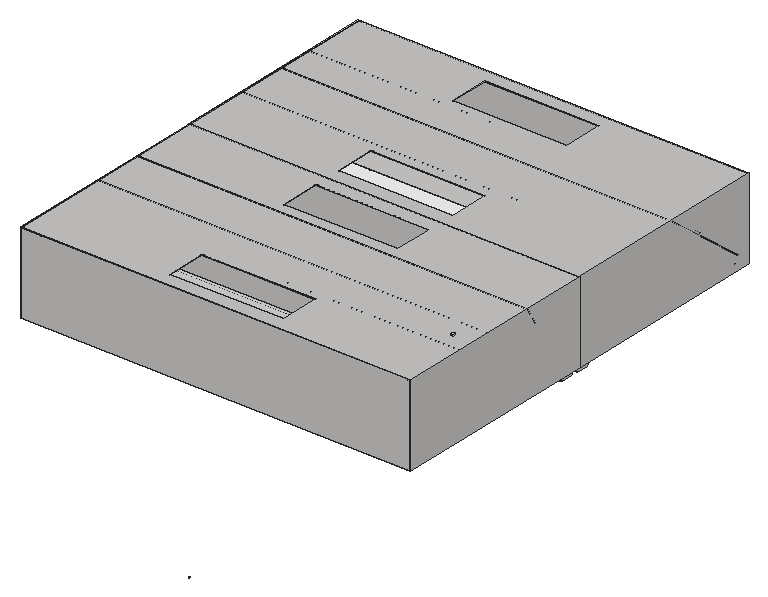
Revit family "QF_ELECTROLUXPROFESSIONAL_640239_STCF2624", category Specialty Equipment, Revit 2014
Reference planes
  plane 1 "Center (Front/Back)": y = 0
  plane 2: z = 0
  plane 3 "Center (Left/Right)": x = -200
  plane 4 "LEFT": x = -1400
  plane 5 "RIGHT": x = 1000
  plane 6 "BACK": y = 1300
  plane 7 "FRONT": y = -1300
  plane 8 "Base": z = 2000
  plane 9 "EIx": x = 880
  plane 10 "Top": z = 2500
  plane 11 "BaseHood": z = 2000
  plane 12 "EI": y = -820
Forms (mm)
  Extrusion 1, solid, material "QF_Finishes_Stainless Steel"
    sketch origin (0, -820, 2500) x (0, 1, 0) y (-1, 0, 0)
      loop
        circle (0, -880) r 10
    from 0 to 1.6
Dimensions and locks
  plane 4 "LEFT" to plane 5 "RIGHT" = 2400.0 mm
  equal spacing: plane 6 "BACK", plane 1 "Center (Front/Back)", plane 7 "FRONT"
  plane 6 "BACK" to plane 7 "FRONT" = 2600.0 mm
  plane 9 "EIx" to plane 5 "RIGHT" = 120.0 mm
  plane 11 "BaseHood" to level = 2000.0 mm
  plane 10 "Top" to plane 11 "BaseHood" = 500.0 mm
  equal spacing: plane 4 "LEFT", plane 3 "Center (Left/Right)", plane 5 "RIGHT"
  plane 12 "EI" to plane 7 "FRONT" = 480.0 mm
  aligned and locked: level to plane 2
Automatic sketch dimensions
  plane 1 "Center (Front/Back)" to Extrusion 1 sketch curve = 820.0 mm
  Extrusion 1 sketch curve to plane 9 "EIx" = 0.0 mm
  radius of Extrusion 1 sketch curve = 10.0 mm
Nested families
  nested 1: "QF_ELECTROLUXPROFESSIONAL_640230" at (-350, -550, 0), type "QF_ELECTROLUXPROFESSIONAL_640230"
  nested 2: "QF_ELECTROLUXPROFESSIONAL_640230" at (-350, 550, 0), type "QF_ELECTROLUXPROFESSIONAL_640230"
Connectors
  piping at (880, 60, 1970), diameter 9.5
    settings: on nested 2, index 9, connector inside diameter 609.6 mm, connector length 0.0 mm, flow factor 0, pipe flow 0.0 L/s, pressure drop 0.0 Pa, fitting loss kfactor 0, connector angle 0.00°, fixture units 0, engagement length 0.0 mm, angle of deflection 0.00°, flow configuration 1, flow direction 2, fitting loss method 0, system type 16, joint type 0, gender type 0, connector reference index -1, connector utility 0, adjustable connector no, is connector primary yes, connector description "Drain"
  piping at (880, -60, 1970), diameter 9.5
    settings: on nested 1, index 10, connector inside diameter 609.6 mm, connector length 0.0 mm, flow factor 0, pipe flow 0.0 L/s, pressure drop 0.0 Pa, fitting loss kfactor 0, connector angle 0.00°, fixture units 0, engagement length 0.0 mm, angle of deflection 0.00°, flow configuration 1, flow direction 2, fitting loss method 0, system type 16, joint type 0, gender type 0, connector reference index -1, connector utility 0, adjustable connector no, is connector primary no, connector description "Drain"
  electrical at (880, -820, 2501.6)
    settings: on Extrusion 1, index 11, voltage 0 V, apparent load 0 VA, apparent load phase1 0 VA, apparent load phase2 0 VA, apparent load phase3 0 VA, power factor 1, load classification "Other", number of poles 1, system type 30, power factor state 1, is connector primary yes, connector utility no, sub classification motor no, connector description "Electrical Connection"
  hvac at (-200, -211, 2500)
    settings: on nested 1, index 12, duct flow 0.0 L/s, flow factor 0, pres drop 0.0 Pa, loss coef 0, conn angle 0.00°, conn width 700 mm, conn height 250 mm, conn diameter 609.6 mm, duct sys type 1, conn prof type 1, flow config 1, flow direction 1, loss method 0, conn ref index -1, conn util no, is conn primary yes, conn desc "AIR INLET"
  hvac at (-200, 211, 2500)
    settings: on nested 2, index 13, duct flow 0.0 L/s, flow factor 0, pres drop 0.0 Pa, loss coef 0, conn angle 0.00°, conn width 250 mm, conn height 700 mm, conn diameter 609.6 mm, duct sys type 1, conn prof type 1, flow config 1, flow direction 1, loss method 0, conn ref index -1, conn util no, is conn primary no, conn desc "AIR INLET"
  hvac at (-200, -1089, 2499.19)
    settings: on nested 1, index 14, duct flow 0.0 L/s, flow factor 0, pres drop 0.0 Pa, loss coef 0, conn angle 0.00°, conn width 700 mm, conn height 250 mm, conn diameter 609.6 mm, duct sys type 1, conn prof type 1, flow config 0, flow direction 0, loss method 0, conn ref index -1, conn util no, is conn primary no, conn desc ""
  hvac at (-200, 1089, 2500)
    settings: on nested 2, index 15, duct flow 0.0 L/s, flow factor 0, pres drop 0.0 Pa, loss coef 0, conn angle 0.00°, conn width 250 mm, conn height 700 mm, conn diameter 609.6 mm, duct sys type 1, conn prof type 1, flow config 0, flow direction 0, loss method 0, conn ref index -1, conn util no, is conn primary no, conn desc ""
Definition of nested family "QF_ELECTROLUXPROFESSIONAL_640230"
  Reference planes
    plane 1: z = 0
    plane 2 "Center (Left/Right)": x = 150
    plane 3 "LEFT": x = -1050
    plane 4 "RIGHT": x = 1350
    plane 5 "BACK": y = 550
    plane 6 "TOP": z = 2500
    plane 7 "Base": z = 2000
    plane 8: z = 1955
    plane 9 "DrainY": y = 490
    plane 10: x = -1047
    plane 11 "DrainX": x = 1230
    plane 12 "AOLeft2": x = 500
    plane 13: x = 1347
    plane 14: x = -850
    plane 15: x = 1150
    plane 16 "Center (Front/Back)": y = -100
    plane 17 "Front": y = -750
    plane 18 "AOLeft1": x = -200
    plane 19: y = -664
    plane 20: y = -414
    plane 21: y = 214
    plane 22 "EI_y": y = -270
    plane 23 "EIx": x = 1230
    plane 24: y = 464
  Forms (mm)
    Extrusion 1, solid, material "QF_Finishes_Stainless Steel"
      sketch origin (-1050, 0, 360) x (0, 1, 0) y (0, 0, 1)
        loop
          line (550, 1640) -> (550, 2140) -> (-750, 2140) -> (-750, 1640) -> (550, 1640)
      from 0 to 3
    Extrusion 2, solid, material "QF_Finishes_Stainless Steel"
      sketch origin (1350, 0, 360) x (0, 1, 0) y (0, 0, 1)
        loop
          line (550, 1640) -> (550, 2140) -> (-750, 2140) -> (-750, 1640) -> (550, 1640)
      from 0 to -3
    Extrusion 3, solid, material "QF_Finishes_Stainless Steel"
      sketch origin (150, 0, 360) x (0, 1, 0) y (0, 0, 1)
        loop
          line (-750, 2140) -> (-750, 1640) -> (-740, 1640) -> (-740, 1640.8) -> (-749.2, 1640.8) -> (-749.2, 2139.19) -> (549.2, 2139.19) -> (549.2, 1640.8) -> (540, 1640.8) -> (540, 1640) -> (550, 1640) -> (550, 2140) -> (-750, 2140)
      from -1200 to 1200
    Extrusion 4, solid, material "QF_Finishes_Stainless Steel"
      sketch origin (0, 0, 2000) x (0, 1, 0) y (-1, 0, 0)
        loop
          circle (490, -1230) r 4.763
      from -30 to 0
    Extrusion 5, void
      sketch origin (0, 0, 2500) x (0, 1, 0) y (-1, 0, 0)
        loop
          line (-414, -500) -> (-414, 200) -> (-664, 200) -> (-664, -500) -> (-414, -500)
      from 0 to -10
    Extrusion 6, solid, material "QF_Finishes_Stainless Steel"
      sketch origin (0, 0, 0) x (1, 0, 0) y (0, 1, 0)
        loop
          line (-1050, 550) -> (-1050, 549) -> (-1049, 549) -> (-1049, 550) -> (-1050, 550)
      from 0 to 1
    Extrusion 7, solid, material "QF_LAMPS"
      sketch origin (150, 0, 360) x (0, 1, 0) y (0, 0, 1)
        loop
          line (-372.823, 1962.324) -> (-218.948, 2086.929) -> (-227.129, 2097.032) -> (-381.003, 1972.426) -> (-372.823, 1962.324)
      from 1197 to -1197
    Extrusion 8, solid, material "QF_Finishes_Stainless Steel"
      sketch origin (150, 0, 360) x (0, 1, 0) y (0, 0, 1)
        loop
          line (-750, 2139.19) -> (-750, 1640) -> (-686.602, 1640) -> (-599.146, 1690.493) -> (-610.058, 1709.394) -> (-666.564, 1676.77) -> (-714.704, 1680.982) -> (-749.2, 1730.248) -> (-749.2, 2139.19) -> (-750, 2139.19)
        loop
          line (-373.6, 1961.694) -> (-381.937, 1971.99) -> (-369.095, 1982.182) -> (-369.095, 2139.19) -> (-369.895, 2139.19) -> (-369.895, 1982.569) -> (-682.298, 1734.63) -> (-671.091, 1720.79) -> (-373.6, 1961.694)
        loop
          line (-227.61, 2099.216) -> (-218.171, 2087.559) -> (-154.411, 2139.19) -> (-155.682, 2139.19) -> (-218.052, 2088.684) -> (-226.989, 2099.719) -> (-227.61, 2099.216)
      from -1197 to 1197
    Sweep 9, solid, material "QF_Finishes_Stainless Steel"
      path origin (0, 0, 0) x (1, 0, 0) y (0, 1, 0)
        loop
          line (1350, 550) -> (-1050, 550) -> (-1050, -750) -> (1350, -750) -> (1350, 550)
      profile origin (1350, -100, 0) x (1, 0, 0) y (0, 0, 1)
        loop
          line (-3, 2000) -> (-3, 2000.8) -> (-19, 2000.8) -> (-19, 2010) -> (-20, 2010) -> (-20, 2000) -> (-3, 2000)
    Extrusion 10, solid, material "QF_Finishes_Stainless Steel"
      sketch origin (150, 0, 0) x (0, 1, 0) y (0, 0, 1)
        loop
          line (414.66, 2095.469) -> (440.643, 2110.471) -> (235.744, 2411.771) -> (209.948, 2396.455) -> (414.66, 2095.469)
      from -1197 to -1000
    Extrusion 11, solid, material "QF_Finishes_Stainless Steel"
      sketch origin (1230, 0, 0) x (0, 1, 0) y (0, 0, 1)
        loop
          line (539, 2000) -> (441, 2000) -> (441, 1989) -> (448.5, 1989) -> (448.5, 1965)
          arc (448.5, 1965) -> (451.429, 1957.929) -> (458.5, 1955) r 10
          line (458.5, 1955) -> (521.5, 1955)
          arc (521.5, 1955) -> (528.571, 1957.929) -> (531.5, 1965) r 10
          line (531.5, 1965) -> (531.5, 1989) -> (539, 1989) -> (539, 2000)
      from 90 to -90
    Extrusion 12, solid, material "QF_Finishes_Stainless Steel"
      sketch origin (150, 0, 360) x (0, 1, 0) y (0, 0, 1)
        loop
          line (-750, 2139.19) -> (-750, 1640) -> (-686.602, 1640) -> (-599.146, 1690.493) -> (-610.058, 1709.394) -> (-666.564, 1676.77) -> (-714.704, 1680.982) -> (-749.2, 1730.248) -> (-749.2, 2139.19) -> (-750, 2139.19)
        loop
          line (-373.6, 1961.694) -> (-381.937, 1971.99) -> (-369.095, 1982.182) -> (-369.095, 2139.19) -> (-369.895, 2139.19) -> (-369.895, 1982.569) -> (-682.298, 1734.63) -> (-671.091, 1720.79) -> (-373.6, 1961.694)
        loop
          line (-227.61, 2099.216) -> (-218.171, 2087.559) -> (-154.411, 2139.19) -> (-155.682, 2139.19) -> (-218.052, 2088.684) -> (-226.989, 2099.719) -> (-227.61, 2099.216)
      from -1197 to 1197
    Extrusion 13, solid, material "QF_Finishes_Stainless Steel"
      sketch origin (150, 0, 0) x (0, 1, 0) y (0, 0, 1)
        loop
          line (414.66, 2095.469) -> (440.643, 2110.471) -> (235.744, 2411.771) -> (209.948, 2396.455) -> (414.66, 2095.469)
      from 1000 to 1197
    Extrusion 14, solid, material "QF_Finished_Chrome"
      sketch origin (150, 0, 0) x (0, 1, 0) y (0, 0, 1)
        loop
          line (414.66, 2095.469) -> (440.643, 2110.471) -> (235.744, 2411.771) -> (209.948, 2396.455) -> (414.66, 2095.469)
      from -1000 to 1000
    Extrusion 15, void
      sketch origin (0, 1180, 2500) x (0, 1, 0) y (-1, 0, 0)
        loop
          line (-716, -500) -> (-716, 200) -> (-966, 200) -> (-966, -500) -> (-716, -500)
      from 0 to -10
    Extrusion 16, solid, material "QF_Finishes_Stainless Steel"
      sketch origin (150, 0, 360) x (0, 1, 0) y (0, 0, 1)
        loop
          line (430.005, 1640) -> (540, 1640) -> (540, 1640.8) -> (430.467, 1640.8) -> (371.906, 1742.23) -> (414.858, 1734.657) -> (442.266, 1750.481) -> (442.266, 1765.943) -> (441.466, 1765.943) -> (441.466, 1750.943) -> (414.709, 1735.495) -> (321.153, 1751.991) -> (320.875, 1750.416) -> (371.4, 1741.507) -> (430.005, 1640)
        loop
          line (146.529, 2139.19) -> (216.893, 2017.316) -> (219.133, 2018.715) -> (214.13, 2027.381) -> (212.569, 2026.405) -> (147.453, 2139.19) -> (146.529, 2139.19)
      from -1197 to 1197
  Cuts and joins
    Extrusion 5, Extrusion 15 cuts Extrusion 3
    joined: Extrusion 2, Extrusion 3, Sweep 9
  Lines and regions (mm)
    symbolic lines, style "SpecialityEquipment", detail levels coarse
      curve 1: line (1350, 550, 2500) -> (-1050, 550, 2500)
      curve 2: line (-1050, 550, 2500) -> (-1050, -750, 2500)
      curve 3: line (1350, -750, 2500) -> (1350, 550, 2500)
      curve 4: line (-1050, 550, 0) -> (1350, -750, 0)
      curve 5: line (1350, 550, 0) -> (-1050, -750, 0)
      curve 6: line (-1050, -750, 0) -> (1350, -750, 0)
      curve 7: line (500, -414, 0) -> (-200, -414, 0)
      curve 8: line (500, -664, 0) -> (500, -414, 0)
      curve 9: line (-200, -664, 0) -> (500, -664, 0)
      curve 10: line (-200, -414, 0) -> (-200, -664, 0)
    symbolic lines, detail levels coarse
      curve 11: line (-200, 214, 2500) -> (500, 214, 2500)
      curve 12: line (-200, 464, 2500) -> (-200, 214, 2500)
      curve 13: line (500, 464, 2500) -> (-200, 464, 2500)
      curve 14: line (500, 214, 2500) -> (500, 464, 2500)
  Dimensions and locks
    plane 3 "LEFT" to plane 4 "RIGHT" = 2400.0 mm
    equal spacing: plane 3 "LEFT", plane 2 "Center (Left/Right)", plane 4 "RIGHT"
    plane 7 "Base" to plane 8 = 45.0 mm
    plane 5 "BACK" to plane 9 "DrainY" = 60.0 mm  (x2)
    plane 3 "LEFT" to plane 10 = 3.0 mm
    plane 11 "DrainX" to plane 4 "RIGHT" = 120.0 mm
    plane 13 to plane 4 "RIGHT" = 3.0 mm
    plane 3 "LEFT" to plane 14 = 200.0 mm
    plane 15 to plane 4 "RIGHT" = 200.0 mm
    locked: plane 7 "Base" to level at 2000
    locked: plane 6 "TOP" to plane 7 "Base" at 500
    locked: plane 5 "BACK" to plane 17 "Front" at 1300
    equal spacing: plane 5 "BACK", plane 16 "Center (Front/Back)", plane 17 "Front"
    locked: plane 20 to plane 19 at 250
    plane 19 to plane 17 "Front" = 86.0 mm
    locked: plane 22 "EI_y" to plane 17 "Front" at 480
    locked: plane 23 "EIx" to plane 4 "RIGHT" at 120
    locked: plane 18 "AOLeft1" to plane 12 "AOLeft2" at 700
    equal spacing: plane 18 "AOLeft1", plane 2 "Center (Left/Right)", plane 12 "AOLeft2"
    plane 5 "BACK" to plane 17 "Front" = 1300.0 mm
    plane 5 "BACK" to plane 24 = 86.0 mm
    plane 24 to plane 21 = 250.0 mm
    aligned and locked: level to plane 1
    aligned and locked: plane 4 "RIGHT" to Extrusion 3
    aligned and locked: Extrusion 3 to plane 3 "LEFT"
    aligned and locked: Extrusion 2 to plane 13
    aligned and locked: Extrusion 10 to plane 10
    aligned and locked: Extrusion 8 to plane 10
    aligned and locked: plane 13 to Extrusion 8
    aligned and locked: Extrusion 5 to plane 18 "AOLeft1"
    aligned and locked: Extrusion 5 to plane 12 "AOLeft2"
    aligned and locked: plane 14 to Extrusion 10
    aligned and locked: plane 15 to Extrusion 13
    aligned and locked: plane 13 to Extrusion 13
    aligned and locked: Extrusion 14 to plane 14
    aligned and locked: Extrusion 14 to plane 15
    aligned and locked: plane 13 to Extrusion 7
    aligned and locked: Extrusion 7 to plane 10
    aligned and locked: Extrusion 15 to plane 21
    aligned and locked: Extrusion 15 to plane 18 "AOLeft1"
    aligned and locked: Extrusion 15 to plane 12 "AOLeft2"
    aligned and locked: Extrusion 16 to plane 10
    aligned and locked: plane 13 to Extrusion 16
    aligned and locked: plane 13 to Extrusion 12
    aligned and locked: Extrusion 12 to plane 10
    aligned and locked: cut or joined group of Extrusion 2, Extrusion 3, Extrusion 5, Sweep 9, Extrusion 15 to curve 7
    aligned and locked: cut or joined group of Extrusion 2, Extrusion 3, Extrusion 5, Sweep 9, Extrusion 15 to plane 19
    aligned and locked: curve 9 to plane 19
    aligned and locked: plane 24 to cut or joined group of Extrusion 2, Extrusion 3, Extrusion 5, Sweep 9, Extrusion 15
    aligned and locked: plane 24 to curve 13
  Automatic sketch dimensions
    curve 6 to plane 3 "LEFT" = 0.0 mm
    curve 4 to plane 3 "LEFT" = 0.0 mm
    curve 10 to plane 18 "AOLeft1" = 0.0 mm
    curve 8 to plane 12 "AOLeft2" = 0.0 mm
    curve 5 to plane 4 "RIGHT" = 0.0 mm
    curve 6 to plane 4 "RIGHT" = 0.0 mm
    curve 4 to plane 17 "Front" = 0.0 mm
    curve 4 to plane 5 "BACK" = 0.0 mm
    curve 5 to plane 5 "BACK" = 0.0 mm
    curve 2 to plane 3 "LEFT" = 0.0 mm
    curve 2 to plane 17 "Front" = 0.0 mm
    curve 3 to plane 4 "RIGHT" = 0.0 mm
    curve 3 to plane 17 "Front" = 0.0 mm
    curve 2 to plane 5 "BACK" = 0.0 mm
    Extrusion 1 sketch curve to plane 7 "Base" = 0.0 mm
    Extrusion 1 sketch curve to plane 17 "Front" = 0.0 mm
    Extrusion 1 sketch curve to plane 5 "BACK" = 0.0 mm
    Extrusion 1 sketch curve to plane 6 "TOP" = 0.0 mm
    Extrusion 2 sketch curve to plane 7 "Base" = 0.0 mm
    Extrusion 2 sketch curve to plane 17 "Front" = 0.0 mm
    Extrusion 2 sketch curve to plane 5 "BACK" = 0.0 mm
    Extrusion 2 sketch curve to plane 6 "TOP" = 0.0 mm
    Extrusion 3 sketch curve to plane 6 "TOP" = 0.0 mm
    Extrusion 3 sketch curve to plane 17 "Front" = 0.0 mm
    Extrusion 3 sketch curve to plane 7 "Base" = 0.0 mm  (x2)
    Extrusion 3 sketch curve to plane 5 "BACK" = 0.0 mm
    plane 17 "Front" to Extrusion 3 sketch curve = 0.8 mm
    Extrusion 3 sketch curve to Extrusion 3 sketch curve = 9.2 mm
    plane 7 "Base" to Extrusion 3 sketch curve = 0.8 mm  (x2)
    Extrusion 3 sketch curve to plane 5 "BACK" = 10.0 mm
    Extrusion 3 sketch curve to plane 5 "BACK" = 0.8 mm
    Extrusion 3 sketch curve to plane 6 "TOP" = 0.81 mm
    Extrusion 4 sketch curve to plane 9 "DrainY" = 0.0 mm
    Extrusion 4 sketch curve to plane 11 "DrainX" = 0.0 mm
    Extrusion 5 sketch curve to plane 12 "AOLeft2" = 0.0 mm
    Extrusion 5 sketch curve to plane 18 "AOLeft1" = 0.0 mm
    plane 19 to Extrusion 5 sketch curve = 0.0 mm
    Extrusion 5 sketch curve to plane 22 "EI_y" = 144.0 mm
    Extrusion 6 sketch curve to plane 3 "LEFT" = 0.0 mm
    Extrusion 6 sketch curve to plane 5 "BACK" = 0.0 mm
    plane 3 "LEFT" to Extrusion 6 sketch curve = 1.0 mm
    Extrusion 6 sketch curve to Extrusion 6 sketch curve = 1.0 mm
    plane 20 to Extrusion 7 sketch curve = 32.997 mm
    Extrusion 7 sketch curve to Extrusion 7 sketch curve = 8.181 mm  (x2)
    plane 22 "EI_y" to Extrusion 7 sketch curve = 42.871 mm
    Extrusion 7 sketch curve to plane 6 "TOP" = 177.676 mm
    Extrusion 7 sketch curve to Extrusion 7 sketch curve = 10.102 mm
    Extrusion 7 sketch curve to plane 6 "TOP" = 53.071 mm
    Extrusion 7 sketch curve to Extrusion 7 sketch curve = 10.103 mm
    Extrusion 8 sketch curve to plane 7 "Base" = 0.0 mm
    Extrusion 8 sketch curve to plane 17 "Front" = 0.0 mm
    Extrusion 8 sketch curve to Extrusion 8 sketch curve = 0.8 mm  (x2)
    plane 17 "Front" to Extrusion 8 sketch curve = 35.296 mm
    Extrusion 8 sketch curve to plane 19 = 22.602 mm
    Extrusion 8 sketch curve to plane 19 = 18.298 mm
    Extrusion 8 sketch curve to plane 19 = 7.091 mm
    Extrusion 8 sketch curve to plane 19 = 2.564 mm
    plane 19 to Extrusion 8 sketch curve = 53.942 mm
    Extrusion 8 sketch curve to Extrusion 8 sketch curve = 10.912 mm
    plane 20 to Extrusion 8 sketch curve = 32.063 mm
    Extrusion 8 sketch curve to Extrusion 8 sketch curve = 8.337 mm
    Extrusion 8 sketch curve to Extrusion 8 sketch curve = 12.042 mm
    plane 22 "EI_y" to Extrusion 8 sketch curve = 42.39 mm
    Extrusion 8 sketch curve to Extrusion 8 sketch curve = 0.622 mm
    Extrusion 8 sketch curve to Extrusion 8 sketch curve = 9.44 mm
    Extrusion 8 sketch curve to Extrusion 8 sketch curve = 0.118 mm
    Extrusion 8 sketch curve to plane 6 "TOP" = 0.81 mm  (x3)
    Extrusion 8 sketch curve to plane 16 "Center (Front/Back)" = 55.682 mm
    Extrusion 8 sketch curve to Extrusion 8 sketch curve = 1.271 mm
    plane 7 "Base" to Extrusion 8 sketch curve = 36.77 mm
    plane 7 "Base" to Extrusion 8 sketch curve = 40.982 mm
    plane 7 "Base" to Extrusion 8 sketch curve = 50.493 mm
    Extrusion 8 sketch curve to Extrusion 8 sketch curve = 18.901 mm
    Extrusion 8 sketch curve to Extrusion 8 sketch curve = 44.02 mm
    Extrusion 8 sketch curve to Extrusion 8 sketch curve = 49.266 mm
    Extrusion 8 sketch curve to Extrusion 8 sketch curve = 13.84 mm
    Extrusion 8 sketch curve to plane 6 "TOP" = 178.306 mm
    Extrusion 8 sketch curve to Extrusion 8 sketch curve = 10.296 mm
    Extrusion 8 sketch curve to Extrusion 8 sketch curve = 10.192 mm
    Extrusion 8 sketch curve to Extrusion 8 sketch curve = 0.386 mm
    Extrusion 8 sketch curve to plane 6 "TOP" = 52.441 mm
    Extrusion 8 sketch curve to Extrusion 8 sketch curve = 1.125 mm
    Sweep 9 sketch curve to plane 3 "LEFT" = 0.0 mm
    Sweep 9 sketch curve to plane 4 "RIGHT" = 0.0 mm
    Sweep 9 sketch curve to plane 17 "Front" = 0.0 mm
    Sweep 9 sketch curve to plane 5 "BACK" = 0.0 mm
    profile plane to Sweep 9 sketch curve = 20.0 mm
    Sweep 9 sketch curve to Sweep 9 sketch curve = 1.0 mm
    profile plane to Sweep 9 sketch curve = 3.0 mm
    level to Sweep 9 sketch curve = 2000.0 mm
    Sweep 9 sketch curve to Sweep 9 sketch curve = 0.8 mm
    Sweep 9 sketch curve to Sweep 9 sketch curve = 9.2 mm
    Extrusion 10 sketch curve to plane 21 = 4.052 mm
    plane 21 to Extrusion 10 sketch curve = 21.744 mm
    Extrusion 10 sketch curve to plane 9 "DrainY" = 75.34 mm
    Extrusion 10 sketch curve to Extrusion 10 sketch curve = 25.983 mm
    plane 7 "Base" to Extrusion 10 sketch curve = 95.469 mm
    Extrusion 10 sketch curve to Extrusion 10 sketch curve = 15.001 mm
    Extrusion 10 sketch curve to plane 6 "TOP" = 103.545 mm
    Extrusion 10 sketch curve to Extrusion 10 sketch curve = 15.316 mm
    Extrusion 12 sketch curve to plane 7 "Base" = 0.0 mm
    Extrusion 12 sketch curve to plane 17 "Front" = 0.0 mm
    Extrusion 12 sketch curve to Extrusion 12 sketch curve = 0.8 mm  (x2)
    plane 17 "Front" to Extrusion 12 sketch curve = 35.296 mm
    Extrusion 12 sketch curve to plane 19 = 22.602 mm
    Extrusion 12 sketch curve to plane 19 = 18.298 mm
    Extrusion 12 sketch curve to plane 19 = 7.091 mm
    Extrusion 12 sketch curve to plane 19 = 2.564 mm
    plane 19 to Extrusion 12 sketch curve = 53.942 mm
    Extrusion 12 sketch curve to Extrusion 12 sketch curve = 10.912 mm
    plane 20 to Extrusion 12 sketch curve = 32.063 mm
    Extrusion 12 sketch curve to Extrusion 12 sketch curve = 8.337 mm
    Extrusion 12 sketch curve to plane 6 "TOP" = 0.81 mm  (x3)
    plane 20 to Extrusion 12 sketch curve = 44.105 mm
    plane 22 "EI_y" to Extrusion 12 sketch curve = 42.39 mm
    Extrusion 12 sketch curve to Extrusion 12 sketch curve = 0.622 mm
    Extrusion 12 sketch curve to Extrusion 12 sketch curve = 9.44 mm
    Extrusion 12 sketch curve to Extrusion 12 sketch curve = 0.118 mm
    Extrusion 12 sketch curve to plane 16 "Center (Front/Back)" = 55.682 mm
    Extrusion 12 sketch curve to Extrusion 12 sketch curve = 1.271 mm
    plane 7 "Base" to Extrusion 12 sketch curve = 36.77 mm
    plane 7 "Base" to Extrusion 12 sketch curve = 40.982 mm
    plane 7 "Base" to Extrusion 12 sketch curve = 50.493 mm
    Extrusion 12 sketch curve to Extrusion 12 sketch curve = 18.901 mm
    Extrusion 12 sketch curve to Extrusion 12 sketch curve = 44.02 mm
    Extrusion 12 sketch curve to Extrusion 12 sketch curve = 49.266 mm
    Extrusion 12 sketch curve to Extrusion 12 sketch curve = 13.84 mm
    Extrusion 12 sketch curve to Extrusion 12 sketch curve = 177.496 mm
    Extrusion 12 sketch curve to Extrusion 12 sketch curve = 10.296 mm
    Extrusion 12 sketch curve to Extrusion 12 sketch curve = 10.192 mm
    Extrusion 12 sketch curve to Extrusion 12 sketch curve = 0.386 mm
    Extrusion 12 sketch curve to plane 6 "TOP" = 52.441 mm
    Extrusion 12 sketch curve to Extrusion 12 sketch curve = 1.125 mm
    Extrusion 13 sketch curve to plane 21 = 4.052 mm
    plane 21 to Extrusion 13 sketch curve = 21.744 mm
    Extrusion 13 sketch curve to plane 9 "DrainY" = 75.34 mm
    Extrusion 13 sketch curve to Extrusion 13 sketch curve = 25.983 mm
    plane 7 "Base" to Extrusion 13 sketch curve = 95.469 mm
    Extrusion 13 sketch curve to Extrusion 13 sketch curve = 15.001 mm
    Extrusion 13 sketch curve to plane 6 "TOP" = 103.545 mm
    Extrusion 13 sketch curve to Extrusion 13 sketch curve = 15.316 mm
    Extrusion 14 sketch curve to plane 21 = 4.052 mm
    plane 21 to Extrusion 14 sketch curve = 21.744 mm
    Extrusion 14 sketch curve to plane 9 "DrainY" = 75.34 mm
    Extrusion 14 sketch curve to Extrusion 14 sketch curve = 25.983 mm
    plane 7 "Base" to Extrusion 14 sketch curve = 95.469 mm
    Extrusion 14 sketch curve to Extrusion 14 sketch curve = 15.001 mm
    Extrusion 14 sketch curve to plane 6 "TOP" = 103.545 mm
    Extrusion 14 sketch curve to Extrusion 14 sketch curve = 15.316 mm
    Extrusion 15 sketch curve to plane 12 "AOLeft2" = 0.0 mm
    Extrusion 15 sketch curve to plane 21 = 0.0 mm
    Extrusion 15 sketch curve to plane 9 "DrainY" = 26.0 mm
    Extrusion 15 sketch curve to plane 18 "AOLeft1" = 0.0 mm
    Extrusion 16 sketch curve to plane 7 "Base" = 0.0 mm
    Extrusion 16 sketch curve to plane 9 "DrainY" = 47.734 mm
    Extrusion 16 sketch curve to Extrusion 16 sketch curve = 0.8 mm
    plane 9 "DrainY" to Extrusion 16 sketch curve = 50.0 mm
    plane 7 "Base" to Extrusion 16 sketch curve = 0.8 mm
    Extrusion 16 sketch curve to Extrusion 16 sketch curve = 109.533 mm
    Extrusion 16 sketch curve to Extrusion 16 sketch curve = 0.462 mm  (x2)
    Extrusion 16 sketch curve to Extrusion 16 sketch curve = 26.608 mm
    Extrusion 16 sketch curve to Extrusion 16 sketch curve = 0.148 mm
    Extrusion 16 sketch curve to Extrusion 16 sketch curve = 42.803 mm
    Extrusion 16 sketch curve to Extrusion 16 sketch curve = 0.506 mm
    Extrusion 16 sketch curve to Extrusion 16 sketch curve = 50.247 mm
    Extrusion 16 sketch curve to Extrusion 16 sketch curve = 0.278 mm
    plane 21 to Extrusion 16 sketch curve = 5.133 mm
    Extrusion 16 sketch curve to Extrusion 16 sketch curve = 2.24 mm
    plane 21 to Extrusion 16 sketch curve = 0.13 mm
    Extrusion 16 sketch curve to plane 21 = 1.431 mm
    Extrusion 16 sketch curve to plane 6 "TOP" = 0.81 mm
    Extrusion 16 sketch curve to plane 21 = 66.547 mm
    Extrusion 16 sketch curve to Extrusion 16 sketch curve = 0.924 mm
    plane 7 "Base" to Extrusion 16 sketch curve = 94.657 mm
    Extrusion 16 sketch curve to Extrusion 16 sketch curve = 0.838 mm
    Extrusion 16 sketch curve to Extrusion 16 sketch curve = 6.012 mm
    Extrusion 16 sketch curve to Extrusion 16 sketch curve = 0.723 mm
    Extrusion 16 sketch curve to Extrusion 16 sketch curve = 14.986 mm
    Extrusion 16 sketch curve to Extrusion 16 sketch curve = 15.0 mm
    Extrusion 16 sketch curve to plane 6 "TOP" = 122.684 mm
    Extrusion 16 sketch curve to Extrusion 16 sketch curve = 1.399 mm
    Extrusion 16 sketch curve to Extrusion 16 sketch curve = 9.089 mm
    Extrusion 16 sketch curve to Extrusion 16 sketch curve = 0.975 mm
    curve 11 to plane 18 "AOLeft1" = 0.0 mm
    curve 11 to plane 21 = 0.0 mm
    curve 11 to plane 12 "AOLeft2" = 0.0 mm
    Extrusion 11 sketch curve to plane 8 = 0.0 mm
    Extrusion 11 sketch curve to plane 7 "Base" = 11.0 mm  (x2)
    Extrusion 11 sketch curve to plane 9 "DrainY" = 49.0 mm
    Extrusion 11 sketch curve to Extrusion 11 sketch curve = 7.5 mm  (x2)
    Extrusion 11 sketch curve to Extrusion 11 sketch curve = 10.0 mm
    Extrusion 11 sketch curve to plane 5 "BACK" = 28.5 mm
    Extrusion 11 sketch curve to plane 5 "BACK" = 18.5 mm
    plane 7 "Base" to Extrusion 11 sketch curve = 0.0 mm
    radius of Extrusion 4 sketch curve = 4.763 mm
